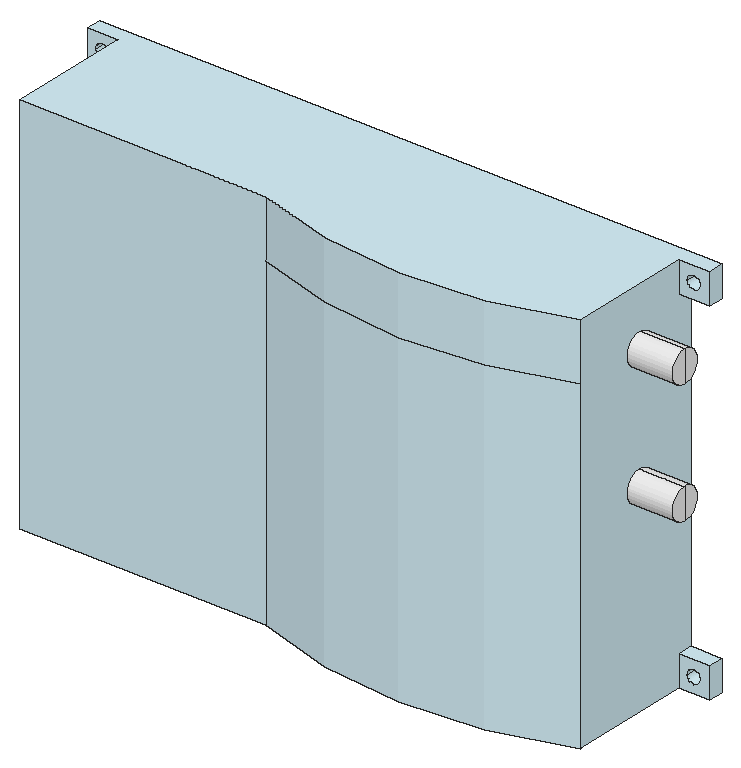
Revit family
Parameters (values of type "Chronomite Instant Flow Micro Tankless Water Heater, Low Flow, 15A, 277V")
  Width = 9 5/8"  # constant formula
  Waste Connection = no
  WFU = 0  # constant formula
  Voltage = 120 V  # constant formula
  Vent Connection = no
  URL = "www.chronomite.com/Instant-Flow-Micro/Instant-Flow-Micro-Models-Applications.html"
  Type Comments = "Temp Rise at 0.5 GPM - 24 deg F"
  Series = "Instant-Flow Micro"
  Revisions Date = "7/13/2010"  # constant formula
  Power Factor = 0.98745  # constant formula
  Pipe Fitting = "Female  1/4inch Compression"  # constant formula
  OmniClass Title = "Instantaneous Water Heaters"  # constant formula
  OmniClass Number = "23.65.35.11.14"  # constant formula
  Number of Poles = 1
  Model = "M-15L / 277"
  Material = "Aluminum-Rugged-White"  # constant formula
  MasterFormat Title = "Flow-Control, Instantaneous Electric Domestic Water Heaters "  # constant formula
  MasterFormat Number = "22 33 13.13"  # constant formula
  Manufacturer = "Chronomite Laboratories, Inc. is a division of Acorn Engineering"  # constant formula
  Length = 2 3/4"  # constant formula
  LEED = "www.greenbuildexpo.org/"
  Tubing Radius = 3/16"  # constant formula
  Keynote = "15400"
  Installation Type = "Public Lavatory Facilities"  # constant formula
  Height = 6 1/4"  # constant formula
  HWFU = 0.25  # constant formula
  Full Load Current = 15 A
  Design Total Power = 4150 W
  Description = "120V models may be operated at 110V with approximately a 10% Temperature Decrease"  # constant formula
  Default Elevation = 0"
  CWFU = 0.25  # constant formula
  Assembly Code = "D2020200"
  Architectural Design Manual = "www.chronomite.com/index.php?option=com_docman&task=doc_download&gid=5"
  Apparent Load = Design Total Power / Power Factor  # 4202.74 VA
  ADA Compliant = yes
Types (3): name | Type Comments | Series | Model | Full Load Current | Design Total Power | Apparent Load
  Chronomite Instant Flow Micro Tankless Water Heater, Low Flow, 15A, 277V | "Temp Rise at 0.5 GPM - 24 deg F" | "Instant-Flow Micro" | "M-15L / 277" | 15 A | 4150 W | 4202.74 VA
  Chronomite Instant Flow SR Tankless Water Heater, Low Flow, 15A, 120V | "Temp Rise at 0.5 GPM - 24 deg F" | "Instant-Flow SR" | "SR-15L / 120" | 15 A | 1800 W | 1822.87 VA
  Chronomite Instant Flow Micro Tankless Water Heater, Low Flow, 30A, 120V | "Temp Rise at 0.5 GPM - 49 deg F" | "Instant-Flow Micro" | "M-30L / 120" | 30 A | 3600 W | 3645.75 VA
Reference planes (in)
  plane 1 "Center (Front/Back)": y = 0
  plane 2 "Origin": z = 0
  plane 3 "Center (Left/Right)": x = 15.1164
  plane 4 "Left": x = 10.3039
  plane 5 "Right": x = 19.9289
  plane 6 "Top": z = 6.25
  plane 7: z = 6
  plane 8: z = 0.25
  plane 9: z = 5.75
  plane 10: z = 0.5
  plane 11: x = 10.0539
  plane 12: x = 20.1789
  plane 13 "Cold": z = 3.3125
  plane 14 "Hot": z = 5.3125
  plane 15: y = -2.75
  plane 16 "Piping": y = -1.0625
  plane 17: x = 10.82582
  plane 18: x = 14.32582
Forms (in)
  Extrusion 1, solid
    sketch origin (0, 0, 0) x (1, 0, 0) y (0, 0, 1)
      loop
        line (10.0539, 0) -> (20.1789, 0) -> (20.1789, 0.5) -> (19.6789, 0.5) -> (19.6789, 5.75) -> (20.1789, 5.75) -> (20.1789, 6.25) -> (10.0539, 6.25) -> (10.0539, 5.75) -> (10.5539, 5.75) -> (10.5539, 0.5) -> (10.0539, 0.5) -> (10.0539, 0)
      loop
        circle (19.9289, 0.25) r 0.10938
      loop
        circle (19.9289, 6) r 0.10938
      loop
        circle (10.3039, 6) r 0.10938
      loop
        circle (10.3039, 0.25) r 0.10938
    from 0 to 0.25
  Revolve 2, solid, detail levels medium+fine
    sketch origin (0, -1.0625, 0) x (1, 0, 0) y (0, 0, 1)
      loop
        line (19.6789, 5.3125) -> (19.6789, 5.0625) -> (20.4289, 5.0625) -> (20.4289, 5.3125) -> (19.6789, 5.3125)
      axis (19.6789, 5.3125) -> (20.4289, 5.3125)
    angle from 0 to 360
  Revolve 3, solid, detail levels medium+fine
    sketch origin (0, -1.0625, 0) x (1, 0, 0) y (0, 0, 1)
      loop
        line (19.6789, 3.3125) -> (19.6789, 3.0625) -> (20.4289, 3.0625) -> (20.4289, 3.3125) -> (19.6789, 3.3125)
      axis (19.6789, 3.3125) -> (20.4289, 3.3125)
    angle from 0 to 360
  Extrusion 4, solid
    sketch origin (0, 0, 0) x (1, 0, 0) y (0, 1, 0)
      loop
        line (10.5539, 0) -> (10.5539, -2.25) -> (14.5539, -2.25)
        arc (14.5539, -2.25) -> (17.1164, -2.75109) -> (19.6789, -2.25) r 6.80262
        line (19.6789, -2.25) -> (19.6789, 0) -> (10.5539, 0)
      loop
        circle (12.4289, -1.0625) r 0.53125
    from 0 to 5.3125
  Extrusion 5, solid
    sketch origin (0, 0, 5.3125) x (1, 0, 0) y (0, 1, 0)
      loop
        line (10.5539, 0) -> (10.5539, -2.25) -> (14.5539, -2.25)
        arc (14.5539, -2.25) -> (17.1164, -2.75109) -> (19.6789, -2.25) r 6.80262
        line (19.6789, -2.25) -> (19.6789, 0) -> (10.5539, 0)
    from 0 to 0.9375
Cuts and joins
  joined: Extrusion 1, Extrusion 4, Extrusion 5
Lines and regions (in)
  symbolic lines
    curve 1: line (10.5539, -2.25, 0) -> (14.5539, -2.25, 0)
    curve 2: arc (14.5539, -2.25, 0) -> (17.1164, -2.75109, 0) -> (19.6789, -2.25, 0) r 6.80262
    curve 3: line (19.6789, -2.25, 0) -> (19.6789, -0.25, 0)
    curve 4: line (19.6789, -0.25, 0) -> (20.1789, -0.25, 0)
    curve 5: line (20.1789, -0.25, 0) -> (20.1789, 0, 0)
    curve 6: line (20.1789, 0, 0) -> (10.0539, 0, 0)
    curve 7: line (10.0539, 0, 0) -> (10.0539, -0.25, 0)
    curve 8: line (10.0539, -0.25, 0) -> (10.5539, -0.25, 0)
    curve 9: line (10.5539, -0.25, 0) -> (10.5539, -2.25, 0)
    curve 16: line (10.0539, 0, 0) -> (20.1789, 0, 0)
    curve 17: line (20.1789, 0, 0) -> (20.1789, 0, 0.5)
    curve 18: line (20.1789, 0, 0.5) -> (19.6789, 0, 0.5)
    curve 19: line (19.6789, 0, 0.5) -> (19.6789, 0, 5.75)
    curve 20: line (19.6789, 0, 5.75) -> (20.1789, 0, 5.75)
    curve 21: line (20.1789, 0, 5.75) -> (20.1789, 0, 6.25)
    curve 22: line (20.1789, 0, 6.25) -> (10.0539, 0, 6.25)
    curve 23: line (10.0539, 0, 6.25) -> (10.0539, 0, 5.75)
    curve 24: line (10.0539, 0, 5.75) -> (10.5539, 0, 5.75)
    curve 25: line (10.5539, 0, 5.75) -> (10.5539, 0, 0.5)
    curve 26: line (10.5539, 0, 0.5) -> (10.0539, 0, 0.5)
    curve 27: line (10.0539, 0, 0.5) -> (10.0539, 0, 0)
    curve 41: line (15.1164, -2.25, 0) -> (15.1164, 0, 0)
    curve 42: line (15.1164, -2.25, 6.25) -> (15.1164, -2.25, 0)
    curve 43: line (15.1164, 0, 6.25) -> (15.1164, -2.25, 6.25)
    curve 44: line (15.1164, 0, 0) -> (15.1164, 0, 6.25)
  symbolic lines, detail levels medium+fine
    curve 10: circle (12.4289, -1.0625, 0) r 0.53125 normal (0, 0, 1)
    curve 28: line (14.5539, 0, 6.25) -> (14.5539, 0, 0)
    curve 45: line (15.1164, -0.25, 0.5) -> (15.1164, 0, 0.5)
    curve 46: line (15.1164, -0.25, 0.5) -> (15.1164, -0.25, 0)
    curve 47: line (15.1164, 0, 5.75) -> (15.1164, -0.25, 5.75)
    curve 48: line (15.1164, -0.25, 5.75) -> (15.1164, -0.25, 6.25)
  symbolic lines, detail levels fine
    curve 11: line (20.4289, -0.8125, 0) -> (19.6789, -0.8125, 0)
    curve 12: line (20.4289, -0.8125, 0) -> (20.4289, -1.3125, 0)
    curve 13: line (20.4289, -1.3125, 0) -> (19.6789, -1.3125, 0)
    curve 29: line (20.4289, 0, 3.0625) -> (19.6789, 0, 3.0625)
    curve 30: line (20.4289, 0, 3.5625) -> (20.4289, 0, 3.0625)
    curve 31: line (20.4289, 0, 3.5625) -> (19.6789, 0, 3.5625)
    curve 32: line (20.4289, 0, 5.0625) -> (19.6789, 0, 5.0625)
    curve 33: line (20.4289, 0, 5.5625) -> (20.4289, 0, 5.0625)
    curve 34: line (20.4289, 0, 5.5625) -> (19.6789, 0, 5.5625)
    curve 35: circle (10.3039, 0, 6) r 0.10938 normal (0, -1, 0)
    curve 36: circle (10.3039, 0, 0.25) r 0.10937 normal (0, -1, 0)
    curve 37: circle (19.9289, 0, 0.25) r 0.10938 normal (0, -1, 0)
    curve 38: circle (19.9289, 0, 6) r 0.10937 normal (0, -1, 0)
    curve 49: circle (15.1164, -1.0625, 5.3125) r 0.25 normal (1, 0, 0)
    curve 50: circle (15.1164, -1.0625, 3.3125) r 0.25 normal (1, 0, 0)
  symbolic lines, style "PlumbingFixturesHiddenLines", detail levels coarse
    curve 14: line (19.6789, -2.25, 0) -> (10.5539, 0, 0)
    curve 15: line (10.5539, -2.25, 0) -> (19.6789, 0, 0)
    curve 39: line (19.6789, 0, 0) -> (10.5539, 0, 6.25)
    curve 40: line (10.5539, 0, 0) -> (19.6789, 0, 6.25)
    curve 51: line (15.1164, 0, 0) -> (15.1164, -2.25, 6.25)
    curve 52: line (15.1164, -2.25, 0) -> (15.1164, 0, 6.25)
  model lines, detail levels fine
    curve 53: line (10.82582, -2.25, 0.5) -> (14.32582, -2.25, 0.5)
    curve 54: line (10.82582, -2.25, 2.8125) -> (10.82582, -2.25, 0.5)
    curve 55: line (14.32582, -2.25, 2.8125) -> (10.82582, -2.25, 2.8125)
    curve 56: line (14.32582, -2.25, 0.5) -> (14.32582, -2.25, 2.8125)
    curve 57: line (10.82582, -2.25, 3.3125) -> (14.32582, -2.25, 3.3125)
    curve 58: line (10.82582, -2.25, 5.3125) -> (10.82582, -2.25, 3.3125)
    curve 59: line (14.32582, -2.25, 5.3125) -> (10.82582, -2.25, 5.3125)
    curve 60: line (14.32582, -2.25, 3.3125) -> (14.32582, -2.25, 5.3125)
    curve 61: circle (12.57582, -2.25, 2.20049) r 0.1875 normal (0, -1, 0)
Dimensions and locks (in)
  equal spacing: plane 4 "Left", plane 3 "Center (Left/Right)", plane 5 "Right"
  "Width": plane 4 "Left" to plane 5 "Right"
  "Height": plane 6 "Top" to plane 2 "Origin"
  locked: Extrusion 1 sketch curve to plane 4 "Left" at 0.25
  locked: Extrusion 1 sketch curve to plane 5 "Right" at 0.25
  locked: plane 6 "Top" to plane 9 at 0.5
  locked: plane 10 to plane 2 "Origin" at 0.5
  locked: plane 4 "Left" to plane 11 at 0.25
  locked: plane 5 "Right" to plane 12 at 0.25
  locked: plane 6 "Top" to plane 7 at 0.25
  locked: plane 6 "Top" to plane 13 "Cold" at 2.9375
  locked: plane 14 "Hot" to plane 13 "Cold" at 2
  locked: plane 5 "Right" to Revolve 2 sketch curve at 0.5
  locked: plane 5 "Right" to Revolve 3 sketch curve at 0.5
  locked: plane 16 "Piping" to plane 15 at 1.6875
  locked: Extrusion 5 sketch curve to plane 15 at 0.5
  locked: plane 15 to Extrusion 5 sketch curve at 6.80153
  locked: Extrusion 4 sketch curve to plane 15 at 0.5
  locked: plane 15 to Extrusion 4 sketch curve at 6.80153
  locked: cut or joined group of Extrusion 1, Extrusion 4, Extrusion 5 to plane 1 "Center (Front/Back)" at 0.25
  "Length": plane 15 to plane 1 "Center (Front/Back)"
  locked: plane 13 "Cold" to curve 55 at 0.5
  locked: plane 17 to plane 4 "Left" at 0.52193
  locked: plane 3 "Center (Left/Right)" to plane 18 at 0.79057
  locked: plane 13 "Cold" to curve 61 at 1.11201
  locked: plane 3 "Center (Left/Right)" to curve 61 at 2.54057
  locked: Revolve 2 sketch curve to Revolve 2 sketch curve at 0.25
  locked: Revolve 3 sketch curve to Revolve 3 sketch curve at 0.25
  "Tubing Radius": radius of curve 61
  aligned and locked: level to plane 2 "Origin"
  aligned and locked: plane 7 to Extrusion 1 sketch curve  (x2)
  aligned and locked: plane 8 to Extrusion 1 sketch curve  (x2)
  aligned and locked: plane 4 "Left" to Extrusion 1 sketch curve  (x2)
  aligned and locked: plane 5 "Right" to Extrusion 1 sketch curve  (x2)
  aligned and locked: Extrusion 1 sketch curve to plane 9
  aligned and locked: plane 9 to Extrusion 1 sketch curve
  aligned and locked: plane 10 to Extrusion 1 sketch curve
  aligned and locked: Extrusion 1 sketch curve to plane 10
  aligned and locked: Extrusion 1 sketch curve to plane 11  (x2)
  aligned and locked: Extrusion 1 sketch curve to plane 12  (x2)
  aligned and locked: Revolve 2 sketch curve to plane 14 "Hot"
  aligned and locked: Revolve 3 sketch curve to plane 13 "Cold"
  aligned and locked: plane 6 "Top" to Extrusion 5
  aligned and locked: Extrusion 5 to plane 14 "Hot"
  aligned and locked: Extrusion 5 sketch curve to cut or joined group of Extrusion 1, Extrusion 4, Extrusion 5  (x2)
  aligned and locked: plane 1 "Center (Front/Back)" to Extrusion 5 sketch curve
  aligned and locked: plane 1 "Center (Front/Back)" to Extrusion 4 sketch curve
  aligned and locked: Extrusion 4 sketch curve to cut or joined group of Extrusion 1, Extrusion 4, Extrusion 5  (x2)
  aligned and locked: plane 2 "Origin" to cut or joined group of Extrusion 1, Extrusion 4, Extrusion 5
  aligned and locked: cut or joined group of Extrusion 1, Extrusion 4, Extrusion 5 to plane 2 "Origin"
  aligned and locked: plane 14 "Hot" to cut or joined group of Extrusion 1, Extrusion 4, Extrusion 5
  aligned and locked: Revolve 3 to cut or joined group of Extrusion 1, Extrusion 4, Extrusion 5
  aligned and locked: Revolve 2 to cut or joined group of Extrusion 1, Extrusion 4, Extrusion 5
  aligned and locked: curve 1 to cut or joined group of Extrusion 1, Extrusion 4, Extrusion 5
  aligned and locked: plane 6 "Top" to cut or joined group of Extrusion 1, Extrusion 4, Extrusion 5
  aligned and locked: cut or joined group of Extrusion 1, Extrusion 4, Extrusion 5 to curve 53
  aligned and locked: curve 57 to plane 13 "Cold"
  aligned and locked: plane 14 "Hot" to curve 59
  aligned and locked: curve 58 to plane 17
  aligned and locked: curve 54 to plane 17
  aligned and locked: plane 18 to curve 60
  aligned and locked: plane 18 to curve 56
  aligned and locked: cut or joined group of Extrusion 1, Extrusion 4, Extrusion 5 to plane 1 "Center (Front/Back)"
  aligned and locked: Revolve 3 sketch curve to Revolve 3 sketch curve
  aligned and locked: Revolve 2 sketch curve to Revolve 2 sketch curve
Automatic sketch dimensions
  Extrusion 1 sketch curve to level = 0"
  plane 6 "Top" to Extrusion 1 sketch curve = 0"
  Revolve 2 sketch curve to plane 5 "Right" = 1/4"
  Revolve 2 sketch curve to Revolve 2 sketch curve = 2.18097"
  Revolve 2 sketch curve to Revolve 2 sketch curve = 1/2"
  Revolve 3 sketch curve to plane 5 "Right" = 1/4"
  Revolve 3 sketch curve to Revolve 3 sketch curve = 1 1/2"
  Revolve 3 sketch curve to Revolve 3 sketch curve = 1/2"
  Extrusion 4 sketch curve to plane 16 "Piping" = 0"
  Extrusion 4 sketch curve to plane 4 "Left" = 2 1/8"
  plane 3 "Center (Left/Right)" to Extrusion 4 sketch curve = 9/16"
  plane 15 to Extrusion 4 sketch curve = 1/2"
  plane 3 "Center (Left/Right)" to Extrusion 5 sketch curve = 9/16"
  plane 15 to Extrusion 5 sketch curve = 1/2"
  curve 7 to plane 1 "Center (Front/Back)" = 0"
  curve 10 to plane 16 "Piping" = 0"
  curve 8 to plane 4 "Left" = 1/4"
  plane 4 "Left" to curve 9 = 1/4"
  plane 4 "Left" to curve 14 = 1/4"
  curve 8 to curve 10 = 1 7/8"
  curve 2 to plane 3 "Center (Left/Right)" = 9/16"
  plane 5 "Right" to curve 14 = 1/4"
  plane 5 "Right" to curve 15 = 1/4"
  curve 5 to plane 5 "Right" = 1/4"
  curve 12 to plane 5 "Right" = 1/2"
  curve 12 to plane 16 "Piping" = 1/4"
  curve 14 to plane 15 = 1/2"
  plane 16 "Piping" to curve 11 = 1/4"
  plane 1 "Center (Front/Back)" to curve 7 = 1/4"
  plane 1 "Center (Front/Back)" to curve 3 = 1/4"
  curve 2 to plane 1 "Center (Front/Back)" = 4.05153"
  curve 52 to level = 0"
  curve 49 to plane 14 "Hot" = 0"
  curve 49 to plane 16 "Piping" = 0"
  curve 50 to plane 13 "Cold" = 0"
  curve 50 to plane 16 "Piping" = 0"
  curve 52 to plane 1 "Center (Front/Back)" = 0"
  curve 52 to plane 6 "Top" = 0"
  curve 41 to plane 15 = 1/2"
  plane 1 "Center (Front/Back)" to curve 45 = 1/4"
  curve 48 to curve 43 = 1/4"
  level to curve 45 = 1/2"
  plane 14 "Hot" to curve 47 = 7/16"
  curve 16 to level = 0"
  curve 23 to plane 6 "Top" = 0"
  curve 35 to plane 4 "Left" = 0"
  curve 36 to plane 4 "Left" = 0"
  curve 38 to plane 5 "Right" = 0"
  curve 37 to plane 5 "Right" = 0"
  curve 27 to plane 4 "Left" = 1/4"
  curve 22 to plane 4 "Left" = 1/4"
  plane 4 "Left" to curve 26 = 1/4"
  plane 4 "Left" to curve 39 = 1/4"
  plane 4 "Left" to curve 40 = 1/4"
  plane 5 "Right" to curve 18 = 1/4"
  plane 5 "Right" to curve 39 = 1/4"
  plane 5 "Right" to curve 40 = 1/4"
  curve 17 to plane 5 "Right" = 1/4"
  curve 21 to plane 5 "Right" = 1/4"
  curve 20 to curve 34 = 1/4"
  curve 30 to plane 5 "Right" = 1/2"
  level to curve 36 = 1/4"
  level to curve 37 = 1/4"
  curve 37 to curve 19 = 1/4"
  curve 36 to curve 26 = 1/4"
  curve 30 to plane 13 "Cold" = 1/4"
  plane 13 "Cold" to curve 31 = 1/4"
  curve 33 to plane 14 "Hot" = 1/4"
  plane 14 "Hot" to curve 34 = 1/4"
  curve 34 to curve 19 = 3/16"
  plane 14 "Hot" to curve 25 = 7/16"
  curve 38 to plane 6 "Top" = 1/4"
  curve 35 to plane 6 "Top" = 1/4"
  curve 28 to plane 3 "Center (Left/Right)" = 9/16"
  radius of Extrusion 1 sketch curve = 7/64"  (x4)
  radius of Extrusion 4 sketch curve = 17/32"
  radius of curve 10 = 17/32"
  radius of curve 49 = 1/4"
  radius of curve 50 = 1/4"
  radius of curve 35 = 7/64"
  radius of curve 36 = 7/64"
  radius of curve 37 = 7/64"
  radius of curve 38 = 7/64"
Nested families (in)
  nested 1: "Notation" at (15.1164, -1.0625, 0), type "Notation", detail levels coarse
Connectors (in)
  piping at (20.4289, -1.0625, 5.3125), driven by "Tubing Radius", driven by "HWFU", driven by "Pipe Fitting"
    settings: on Revolve 2, index 1
  piping at (20.4289, -1.0625, 3.3125), driven by "Tubing Radius", driven by "Pipe Fitting", driven by "CWFU"
    settings: on Revolve 3, index 2
  electrical at (12.4289, -1.0625, 0), driven by "Power Factor", driven by "Apparent Load", driven by "Voltage", driven by "Number of Poles", driven by "Description"
    settings: on cut or joined group of Extrusion 1, Extrusion 4, Extrusion 5, index 3
Definition of nested family "Notation"
  Parameters (values of type "Notation")
    Notation = "LIGHT"
  Reference planes (in)
    plane 1: y = 0
    plane 2: x = 0
  Text (in)
    label "Notation" at (0.00196, 0.00746, 0), shows "Notation"
